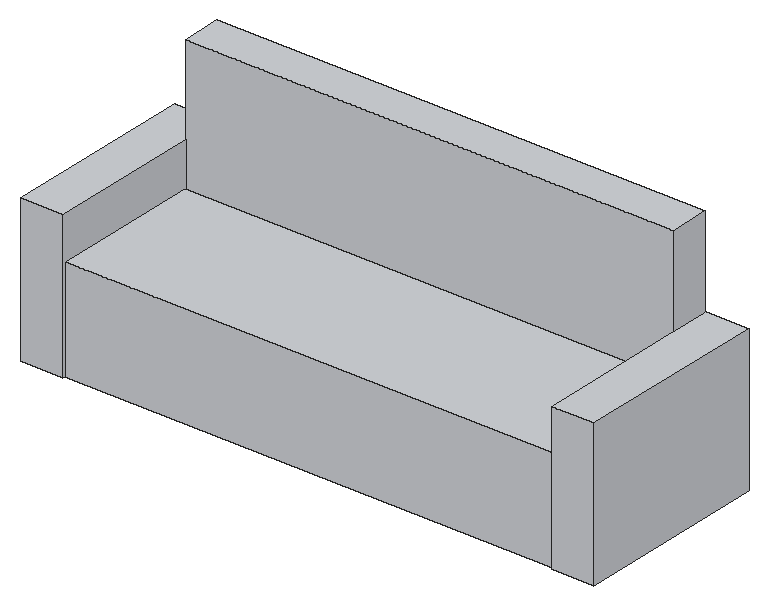
Revit family "Sofa", category 家具, Revit 2025
Family settings
  OmniClass 编号 = 23.40.20.00
  OmniClass 标题 = General Furniture and Specialties
  基于工作平面 = 否
  视图中启用分割 = 否
  总是垂直 = 是
  载入时剪切的空心 = 否
  渲染外观源 = 族几何图形
  共享 = 否
  房间计算点 = 否
Parameters
  默认高程 = 0 mm
  AI_Width [instance] = 2676 mm
  AI_Height [instance] = 913.165 mm
Reference planes
  plane 1 "中心(前/后)": y = 0
  plane 2: z = 0
  plane 3 "中心(左/右)": x = 0
  plane 4: x = -1338
  plane 5: x = 1338
  plane 6: y = 450
  plane 7: y = -450
  plane 8: x = -1138
  plane 9: x = 1138
  plane 10: y = 250
Forms (mm)
  Extrusion 1, solid
    sketch origin (4.323, -203.165, 0) x (-1, 0, 0) y (0, -1, 0)
      loop
        line (-1138, 250) -> (-1138, -450) -> (1138, -450) -> (1138, 250) -> (-1138, 250)
    from 0 to 480
  Extrusion 2, solid
    sketch origin (8.39, -13.165, 0) x (-1, 0, 0) y (0, -1, 0)
      loop
        line (-1335.933, 450) -> (-1335.933, -450) -> (-1138, -450) -> (-1138, 450) -> (-1335.933, 450)
    from 0 to 680
  Extrusion 3, solid
    sketch origin (2.323, -13.165, 0) x (-1, 0, 0) y (0, -1, 0)
      loop
        line (1138, 450) -> (1138, -450) -> (1338, -450) -> (1338, 450) -> (1138, 450)
    from 0 to 680
  Extrusion 4, solid
    sketch origin (4.323, -203.165, 0) x (-1, 0, 0) y (0, -1, 0)
      loop
        line (-1138, -456.009) -> (-1138, -640) -> (1140, -640) -> (1140, -456.009) -> (-1138, -456.009)
    from 0 to 1100
Dimensions and locks
  "AI_Width": plane 4 to plane 5
  "AI_Height": plane 6 to Extrusion 2
  aligned and locked: level to plane 2
Automatic sketch dimensions
  Extrusion 1 sketch curve to plane 9 = 4.323 mm
  plane 8 to Extrusion 1 sketch curve = 4.323 mm
  plane 10 to Extrusion 1 sketch curve = 3.165 mm
  plane 7 to Extrusion 1 sketch curve = 3.165 mm
  plane 5 to Extrusion 2 sketch curve = 6.323 mm
  Extrusion 2 sketch curve to plane 9 = 8.39 mm
  Extrusion 2 sketch curve to plane 6 = 13.165 mm
  plane 7 to Extrusion 2 sketch curve = 13.165 mm
  plane 8 to Extrusion 3 sketch curve = 2.323 mm
  Extrusion 3 sketch curve to plane 4 = 2.323 mm
  Extrusion 3 sketch curve to plane 6 = 13.165 mm
  plane 7 to Extrusion 3 sketch curve = 13.165 mm
  Extrusion 4 sketch curve to plane 9 = 4.323 mm
  plane 8 to Extrusion 4 sketch curve = 2.323 mm
  Extrusion 4 sketch curve to plane 6 = 13.165 mm
  Extrusion 4 sketch curve to plane 10 = 2.845 mm
